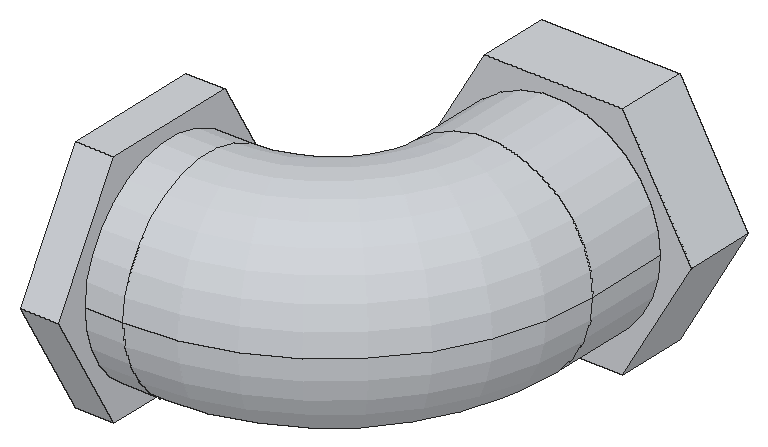
Revit family "673b413975c0406c82b7d8a4ffef7600", category Conduit Fittings, Revit 2021
Family settings
  Round Connector Dimension = Use Radius
  Part Type = Multi Port
  OmniClass Number = 23.80.30.17.11
  OmniClass Title = Conduits
  Work Plane-Based = No
  Always vertical = Yes
  Cut with Voids When Loaded = No
  Shared = No
Parameters (values of type "Standard")
  Radius 2 [instance] = 0.75 * Length 1  # 15/64"
  Radius 1 [instance] = 0.5 * Length 1  # 5/32"
  Nominal Radius [instance] = 1/4"
  Nominal Diameter [instance] = Nominal Radius * 2  # 1/2"
  Length 8 [instance] = Length 3 * sin(30.00°)  # 39/128"
  Length 7 [instance] = Length 3 * cos(30.00°)  # 0.52773"
  Length 5 [instance] = if(Center to End - 0.5 * Center to End < End Outside Radius, End Outside Radius + 0' 0 1/8", Center to End - 0.5 * Center to End)  # 0.685"
  Length 4 [instance] = Center to End - Length 5  # 0.685"
  Length 3 [instance] = 1.3 * End Outside Radius  # 39/64"
  Length 2 [instance] = 0.15 * End Outside Radius  # 9/128"
  Thread Length [instance] = Length 4 * 0.5  # 0.3425"
  Length 6 [instance] = Length 4 - Thread Length  # 0.3425"
  Length 1 [instance] = End Outside Diameter / 3  # 5/16"
  End Outside Radius [instance] = End Outside Diameter / 2  # 15/32"
  End Outside Diameter [instance] = size_lookup(Conduit Size Lookup, "EOD", 1.22 * Nominal Diameter + 1/4", Nominal Diameter)  # 15/16"
  Default Elevation = 0' - 0"
  Conduit Size Lookup = "Conduit Connector 90 Deg - Compression - Die Cast Zinc"
  Center to End [instance] = size_lookup(Conduit Size Lookup, "CtE", 1.96 * Nominal Diameter + 25/64", Nominal Diameter)  # 1.37"
Reference planes (in)
  plane 1 "Center (Front/Back)": y = 0
  plane 2: z = 0
  plane 3 "Center (Left/Right)": x = 0
  plane 4: x = 0.3425
  plane 5: x = 0.17125
  plane 6: y = 0.685
  plane 7: y = 1.37
  plane 8: z = 0.52773
  plane 9: z = -0.52773
  plane 10: y = 0.60937
  plane 11: y = -0.60938
  plane 12: y = 0.30469
  plane 13: y = -0.30469
  plane 14: y = 1.0575
  plane 15: x = 1.0275
  plane 16: y = -0.46875
  plane 17: x = 0.41813
  plane 18: x = 1.63688
  plane 19: x = 0.72281
  plane 20: x = 1.33219
Forms (in)
  Sweep 1, solid, detail levels fine
    path in 3D
      loop
        line (0.17125, 0, 0) -> (0.3425, 0, 0)
        arc (0.3425, 0, 0) -> (0.82687, 0.20063, 0) -> (1.0275, 0.685, 0) r 0.685
        line (1.0275, 0.685, 0) -> (1.0275, 1.37, 0)
    profile origin (0.25688, 0, 0) x (0, 1, 0) y (0, 0, 1)
      loop
        circle (0, 0) r 0.46875
  Extrusion 2, solid, detail levels fine
    sketch origin (0, 0, 0) x (0, 1, 0) y (0, 0, 1)
      loop
        line (0.30469, 0.52773) -> (-0.30469, 0.52773) -> (-0.60937, 0) -> (-0.30469, -0.52773) -> (0.30469, -0.52773) -> (0.60937, 0) -> (0.30469, 0.52773)
    from 0 to 0.17125
  Extrusion 3, solid, detail levels fine
    sketch origin (0, 0, 0) x (0, 1, 0) y (0, 0, 1)
      loop
        circle (0, 0) r 0.125
    from 0 to 0.17125
  Extrusion 4, solid, detail levels fine
    sketch origin (0, 0, 0) x (1, 0, 0) y (0, 0, 1)
      loop
        line (0.72281, 0.52773) -> (0.41813, 0) -> (0.72281, -0.52773) -> (1.33219, -0.52773) -> (1.63688, 0) -> (1.33219, 0.52773) -> (0.72281, 0.52773)
    from -1.37 to -1.0575
Cuts and joins
  joined: Sweep 1, Extrusion 2, Extrusion 3, Extrusion 4
Lines and regions (in)
  model lines, detail levels coarse+medium
    curve 1: line (0.17125, 0, 0) -> (0.3425, 0, 0)
    curve 2: arc (0.3425, 0, 0) -> (0.82687, 0.20063, 0) -> (1.0275, 0.685, 0) r 0.685
    curve 3: line (1.0275, 0.685, 0) -> (1.0275, 1.37, 0)
    curve 7: line (0, 0, 0) -> (0.17125, 0, 0)
  sketch lines
    curve 4: line (0.17125, 0, 0) -> (0.3425, 0, 0)
    curve 5: arc (0.3425, 0, 0) -> (0.82687, 0.20063, 0) -> (1.0275, 0.685, 0) r 0.685
    curve 6: line (1.0275, 0.685, 0) -> (1.0275, 1.37, 0)
Dimensions and locks (in)
  "Length 6": plane 3 "Center (Left/Right)" to plane 4
  equal spacing: plane 3 "Center (Left/Right)", plane 5, plane 4
  "Length 5": plane 6 to plane 1 "Center (Front/Back)"
  "Length 4": plane 7 to plane 6
  "Length 7": plane 8 to plane 2
  equal spacing: plane 8, plane 2, plane 9
  "Length 3": plane 10 to plane 1 "Center (Front/Back)"
  equal spacing: plane 10, plane 1 "Center (Front/Back)", plane 11
  "Length 8": plane 12 to plane 1 "Center (Front/Back)"
  equal spacing: plane 12, plane 1 "Center (Front/Back)", plane 13
  "Length 3": curve 2 to Extrusion 2 sketch curve
  "Length 3": Extrusion 2 sketch curve to plane 1 "Center (Front/Back)"
  "Length 1": plane 7 to plane 14
  "Length 5": plane 4 to plane 15
  "End Outside Radius": plane 16 to plane 1 "Center (Front/Back)"  (x2)
  "Length 3": plane 15 to plane 17
  equal spacing: plane 18, plane 15, plane 17
  "Length 8": plane 15 to plane 19
  equal spacing: plane 20, plane 15, plane 19
  "Length 3": curve 3 to Extrusion 4 sketch curve
  "Length 5": radius of curve 2
  "End Outside Radius": radius of Sweep 1 sketch curve
  radius of Extrusion 3 sketch curve = 0' - 0 1/8"
  locked: curve 2 to curve 2 (angle 90.00°)
  aligned and locked: plane 1 "Center (Front/Back)" to curve 1
  aligned and locked: plane 6 to curve 2
  aligned and locked: plane 4 to curve 2
  aligned and locked: plane 7 to curve 3
  aligned and locked: plane 6 to curve 3
  aligned and locked: Extrusion 2 sketch curve to plane 8
  aligned and locked: plane 8 to Extrusion 2 sketch curve
  aligned and locked: plane 11 to Extrusion 2 sketch curve
  aligned and locked: plane 2 to Extrusion 2 sketch curve  (x2)
  aligned and locked: plane 13 to Extrusion 2 sketch curve  (x2)
  aligned and locked: plane 9 to Extrusion 2 sketch curve
  aligned and locked: plane 12 to Extrusion 2 sketch curve
  aligned and locked: Extrusion 2 to plane 3 "Center (Left/Right)"
  aligned and locked: plane 5 to Extrusion 2
  aligned and locked: plane 3 "Center (Left/Right)" to curve 7
  aligned and locked: plane 5 to curve 7
  aligned and locked: plane 1 "Center (Front/Back)" to curve 7
  aligned and locked: plane 1 "Center (Front/Back)" to Extrusion 3 sketch curve
  aligned and locked: plane 2 to Extrusion 3 sketch curve
  aligned and locked: Extrusion 3 to plane 3 "Center (Left/Right)"
  aligned and locked: plane 5 to Extrusion 3
  aligned and locked: plane 19 to Extrusion 4 sketch curve  (x2)
  aligned and locked: plane 20 to Extrusion 4 sketch curve  (x2)
  aligned and locked: plane 8 to Extrusion 4 sketch curve
  aligned and locked: plane 18 to Extrusion 4 sketch curve
  aligned and locked: plane 9 to Extrusion 4 sketch curve  (x2)
  aligned and locked: plane 2 to Extrusion 4 sketch curve  (x2)
  aligned and locked: plane 17 to Extrusion 4 sketch curve
  aligned and locked: plane 7 to Extrusion 4
  aligned and locked: Extrusion 4 to plane 14
Automatic sketch dimensions
  Sweep 1 sketch curve to profile plane = 0' - 0"  (x2)
  Extrusion 2 sketch curve to plane 10 = 0' - 0"
Connectors (in)
  cabletrayconduit at (0, 0, 0), diameter 0.5, driven by "Nominal Radius"
    settings: on Extrusion 3, index 1, connector width 1' - 0", connector height 1' - 0", connector angle 0.00°, system type 32, placement type 0, profile type 0, connector reference index 2, is primary connector yes, connector utility param no, connector description ""
  cabletrayconduit at (1.0275, 1.37, 0), diameter 0.5, driven by "Nominal Radius"
    settings: on cut or joined group of Sweep 1, Extrusion 2, Extrusion 3, Extrusion 4, index 2, connector width 1' - 0", connector height 1' - 0", connector angle 0.00°, system type 32, placement type 0, profile type 0, connector reference index 1, is primary connector no, connector utility param no, connector description ""
